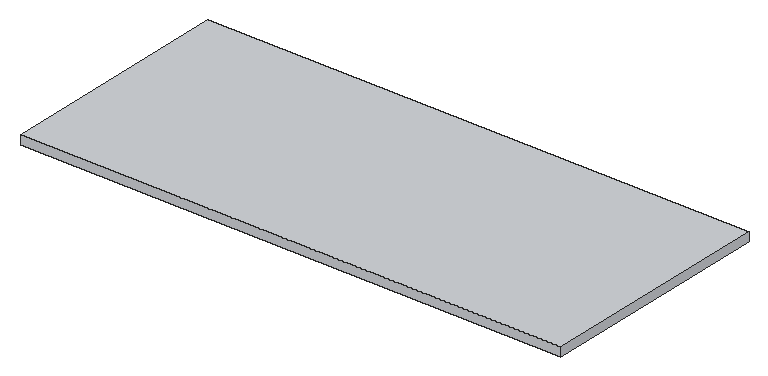
Revit family "FURN_Table_Rectangle", category Furniture, Revit 2024
Family settings
  OmniClass Number = 23.40.20.00
  OmniClass Title = General Furniture and Specialties
  Work Plane-Based = No
  Enable Cutting in Views = No
  Always vertical = Yes
  Cut with Voids When Loaded = No
  Render Appearance Source = Family Geometry
  Shared = No
  Room Calculation Point = No
Parameters (values of type "Telephone Booth Counter_1190 x 515")
  Width = 515 mm
  Length = 1190 mm
  Height = 680 mm
  EA_Repath [instance] = 0 mm
  Default Elevation = 0 mm
  Center Grommet = yes
Types (8, lengths in mm): name | Width | Length | Center Grommet
  Desk_2400 x 900 | 900 | 2400 | no
  Desk_2800 x 1000 | 1000 | 2800 | no
  Side Table_1030 x 700 | 700 | 1030 | no
  Media Stand_3400 x 400 | 400 | 3400 | no
  Side Table_1500 x 350 | 350 | 1500 | no
  Side Table_800 x 400 | 400 | 800 | no
  Conference Table w Grommet_1980 x 760 | 760 | 1980 | yes
  Telephone Booth Counter_1190 x 515 | 515 | 1190 | yes
Reference planes
  plane 1 "Center (Front/Back)": y = 0
  plane 2: z = 0
  plane 3 "Center (Left/Right)": x = 0
  plane 4: x = -595
  plane 5: x = 595
  plane 6: y = 257.5
  plane 7: y = -257.5
  plane 8 "Surface": z = 680
  plane 9: x = 20
Forms (mm)
  Extrusion 1, solid
    sketch origin (-1346.766, -1524, 680) x (-1, 0, 0) y (0, -1, 0)
      loop
        line (-751.766, -1781.5) -> (-751.766, -1266.5) -> (-1941.766, -1266.5) -> (-1941.766, -1781.5) -> (-751.766, -1781.5)
    from 0 to -20
Lines and regions (mm)
  model lines
    curve 1: arc (20, 0, 680) -> (0, 20, 680) -> (-20, 0, 680) r 20
    curve 2: arc (-20, 0, 680) -> (0, -20, 680) -> (20, 0, 680) r 20
Dimensions and locks
  equal spacing: plane 4, plane 3 "Center (Left/Right)", plane 5
  equal spacing: plane 6, plane 1 "Center (Front/Back)", plane 7
  "Length": plane 4 to plane 5
  "Width": plane 6 to plane 7
  "Height": plane 8 "Surface" to plane 2
  locked: plane 3 "Center (Left/Right)" to plane 9 at 20
  aligned and locked: level to plane 2
  aligned and locked: Extrusion 1 sketch curve to plane 6
  aligned and locked: plane 4 to Extrusion 1 sketch curve
  aligned and locked: Extrusion 1 sketch curve to plane 7
  aligned and locked: plane 5 to Extrusion 1 sketch curve
  aligned and locked: plane 1 "Center (Front/Back)" to curve 1
  aligned and locked: plane 9 to curve 2
  aligned and locked: plane 1 "Center (Front/Back)" to curve 2
Automatic sketch dimensions
  curve 2 to curve 1 = 20 mm
